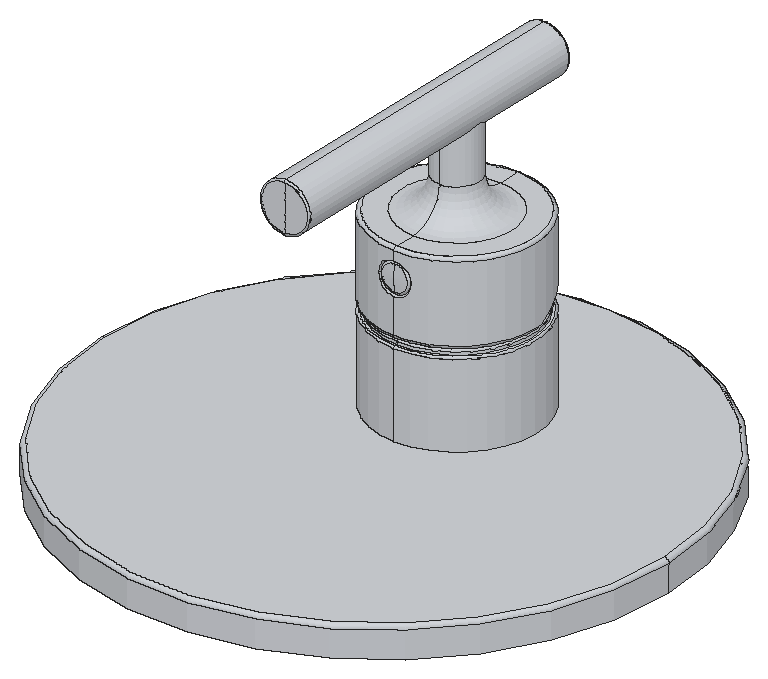
Revit family "Shower-Valve_Trim-KOHLER-PURIST-K-7362IN", category Specialty Equipment, host Face, Revit 2017
Family settings
  Host = Face
  Round Connector Dimension = Use Diameter
  Part Type = Normal
  OmniClass Number = 23.31.25.00
  Cut with Voids When Loaded = No
  Shared = No
  Room Calculation Point = No
Parameters (values of type "CP-Polished Chrome")
  Width = 6 31/32"  # constant formula
  WaterSense Certified = 1 = 0  # no
  URL = "https://www.kohler.co.in/"
  Type = 1
  Product Page URL = ""
  Product Name = "PURIST"  # constant formula
  Product Documentation Link = ""
  Model = "K-7362IN-4FP-CP"  # constant formula
  Material = "Premium Metal Construction"  # constant formula
  Master Format 2014 Name = "Toilet, Bath, and Laundry Accessories"  # constant formula
  Master Format 2014 = "10 28 00"  # constant formula
  Manufacturer Address = "Ambience Office Tower NH-8 Gurgaon / Gurugram Haryana , 122001"  # constant formula
  Manufacturer = "KOHLER Co."  # constant formula
  Length = 3 31/32"  # constant formula
  Height = 6 31/32"  # constant formula
  Handle Clearance = 2 163/256"  # constant formula
  Finish = Kohler-Metal-CP-Polished_Chrome
  Environmental Product Declaration = ""
  Description = "40MM SINGLE CONTROL SHOWER TRIM"  # constant formula
  Default Elevation = 42"
  Declare Label = ""
  Date Modified = "11/03/2020"  # constant formula
  Date Created = "11/03/2020"  # constant formula
  Copyright = "Copyright KOHLER Co."  # constant formula
  Contact Us = "https://www.kohler.co.in/contact-us"
  Assembly Code = "C1030200"
  ADA Compliant = 1 = 0  # no
Reference planes (in)
  plane 1 "Center (Front/Back)": y = 0
  plane 2: z = 0
  plane 3 "Center (Left/Right)": x = 0
  plane 4: x = -3.48425
  plane 5: x = -0.96457
  plane 6: x = 0.96457
  plane 7: x = 3.4845
  plane 8: y = 2.37152
  plane 9: y = -4.59723
  plane 10: y = -1.11274
  plane 11: y = -2.63672
  plane 12: y = 1.35202
  plane 13: z = 3.96875
  plane 14: z = 3.36907
  plane 15: z = 0.3735
  plane 16: y = 0.96457
  plane 17: y = -0.96457
Dimensions and locks (in)
  "Width": plane 4 to plane 7
  "Height": plane 8 to plane 9
  "Length": plane 13 to level
  "Handle Clearance": plane 1 "Center (Front/Back)" to plane 11
  aligned and locked: plane 2 to host face
  aligned and locked: level to host face
  aligned and locked: plane 3 "Center (Left/Right)" to nested 1
  aligned and locked: plane 1 "Center (Front/Back)" to nested 1
Automatic sketch dimensions
  host sketch curve to host sketch curve = 96"  (x2)
Nested families (in)
  nested 1: "K-7362IN" at (0, -1.11274, 0), type "K-7362IN"
Definition of nested family "K-7362IN"
  Parameters (values of type "K-7362IN")
    Material = none
  Reference planes (in)
    plane 1 "Center (Front/Back)": y = 0
    plane 2: z = 0
    plane 3 "Center (Left/Right)": x = 0
    plane 4: z = 3.96948
    plane 5: x = -3.48425
    plane 6: x = 3.48425
    plane 7: y = 1.11274
    plane 8: y = 3.48425
    plane 9: y = -3.48425
    plane 10: y = -1.52506
    plane 11: y = 2.46476
    plane 12: x = -0.96457
    plane 13: x = 0.96457
    plane 14: y = 2.0773
    plane 15: y = 0.14817
    plane 16: z = 3.36907
    plane 17: z = 0.3735
  Forms (in)
    Revolve 1, solid, material <- "Material", detail levels medium+fine
      sketch origin (0, 0, 0) x (0, 1, 0) y (0, 0, 1)
        loop
          line (-1.52506, 3.66929) -> (2.46476, 3.66929) -> (2.46476, 3.94979)
          arc (2.46476, 3.94979) -> (2.45899, 3.96371) -> (2.44507, 3.96948) r 0.01969
          line (2.44507, 3.96948) -> (-1.50537, 3.96948)
          arc (-1.50537, 3.96948) -> (-1.51929, 3.96371) -> (-1.52506, 3.94979) r 0.01969
          line (-1.52506, 3.94979) -> (-1.52506, 3.66929)
        axis (2.46476, 3.66929) -> (-1.52506, 3.66929)
      angle from 0 to 360
    Revolve 2, solid, material <- "Material", detail levels medium+fine
      sketch origin (0, 0, 0) x (0, 1, 0) y (0, 0, 1)
        loop
          line (2.0773, 0.17365) -> (2.0773, 1.39057)
          arc (2.0773, 1.39057) -> (2.07154, 1.40449) -> (2.05762, 1.41025) r 0.01969
          line (2.05762, 1.41025) -> (2.02639, 1.41025) -> (2.02639, 1.4439)
          arc (2.02639, 1.4439) -> (2.02141, 1.45841) -> (2.00857, 1.4668) r 0.02362
          arc (2.00857, 1.4668) -> (1.99099, 1.47151) -> (1.97355, 1.4767) r 0.65906
          arc (1.97355, 1.4767) -> (1.94806, 1.49065) -> (1.92989, 1.51334) r 0.07408
          arc (1.92989, 1.51334) -> (1.9229, 1.53159) -> (1.92012, 1.55094) r 0.08759
          arc (1.92012, 1.55094) -> (1.8636, 1.84903) -> (1.71782, 2.1151) r 0.97078
          line (1.71782, 2.1151) -> (1.11274, 2.1151) -> (1.11274, 0.17365) -> (2.0773, 0.17365)
        axis (1.11274, 0.17365) -> (1.11274, 2.1151)
      angle from 0 to 360
    Revolve 3, solid, material <- "Material", detail levels medium+fine
      sketch origin (0, 0, 0) x (0, 1, 0) y (0, 0, 1)
        loop
          line (1.11274, 3.67447) -> (1.11274, 1.49607) -> (2.03793, 1.49607)
          arc (2.03793, 1.49607) -> (2.06577, 1.5076) -> (2.0773, 1.53544) r 0.03937
          line (2.0773, 1.53544) -> (2.0773, 2.45992)
          arc (2.0773, 2.45992) -> (2.06577, 2.48776) -> (2.03793, 2.49929) r 0.03937
          line (2.03793, 2.49929) -> (1.77611, 2.49929)
          arc (1.77611, 2.49929) -> (1.49772, 2.6146) -> (1.38241, 2.89299) r 0.3937
          line (1.38241, 2.89299) -> (1.38241, 3.67447) -> (1.11274, 3.67447)
        axis (1.11274, 3.67447) -> (1.11274, 1.49607)
      angle from 0 to 360
    Extrusion 4, void
      sketch origin (0, 0, 0) x (0, 1, 0) y (0, 0, 1)
        loop
          line (1.06483, 1.4633) -> (2.21652, 1.4633) -> (2.21652, 1.97191) -> (1.18974, 1.53607)
          arc (1.18974, 1.53607) -> (1.09057, 1.50247) -> (0.9875, 1.48403) r 0.70082
          line (0.9875, 1.48403) -> (1.06483, 1.4633)
      from -1.67639 to 1.8525
    Extrusion 5, void
      sketch origin (0, 0, 0) x (1, 0, 0) y (0, 0, 1)
        loop
          circle (0, 2.157) r 0.19685
      from -0.3544 to 0
    Revolve 6, solid, material <- "Material", detail levels medium+fine
      sketch origin (0, 0, 0) x (0, 1, 0) y (0, 0, 1)
        loop
          line (0.72172, 2.157) -> (0.72172, 2.335) -> (0.18599, 2.335)
          arc (0.18599, 2.335) -> (0.17043, 2.32915) -> (0.16257, 2.31449) r 0.02362
          arc (0.16257, 2.31449) -> (0.15475, 2.23592) -> (0.15214, 2.157) r 1.1941
          line (0.15214, 2.157) -> (0.72172, 2.157)
        axis (0.72172, 2.157) -> (0.15214, 2.157)
      angle from 0 to 360
    Revolve 7, solid, material <- "Material", detail levels coarse
      sketch origin (0, 0, 0) x (0, 1, 0) y (0, 0, 1)
        loop
          line (2.46476, 3.96948) -> (-1.52506, 3.96948) -> (-1.52506, 3.66927) -> (2.46476, 3.66927) -> (2.46476, 3.96948)
        axis (2.46476, 3.66927) -> (-1.52506, 3.66927)
      angle from 0 to 360
    Revolve 8, solid, material <- "Material", detail levels coarse
      sketch origin (0, 0, 0) x (0, 1, 0) y (0, 0, 1)
        loop
          line (1.38241, 2.49929) -> (1.38241, 3.68039) -> (1.11274, 3.68039) -> (1.11274, 0.27461) -> (2.0773, 0.27461) -> (2.0773, 2.49929) -> (1.38241, 2.49929)
        axis (1.11274, 0.27461) -> (1.11274, 3.68039)
      angle from 0 to 360
    Sweep 9, solid, material <- "Material", detail levels medium+fine
      path origin (0, 0, 0) x (1, 0, 0) y (0, 1, 0)
        loop
          circle (0, 0) r 3.48425
      profile origin (0, 3.48425, 0) x (0, -1, 0) y (0, 0, 1)
        loop
          line (0, 0.32211) -> (0, 0) -> (0.14204, 0) -> (0.14204, 0.3735) -> (0.05139, 0.3735)
          arc (0.05139, 0.3735) -> (0.01505, 0.35845) -> (0, 0.32211) r 0.05139
    Extrusion 10, solid, material <- "Material", detail levels medium+fine
      sketch origin (0, 0, 0) x (1, 0, 0) y (0, 1, 0)
        loop
          circle (0, 0) r 3.34221
      from 0 to 0.3735
    Extrusion 11, solid, material <- "Material", detail levels coarse
      sketch origin (0, 0, 0) x (1, 0, 0) y (0, 1, 0)
        loop
          circle (0, 0) r 3.48425
      from 0 to 0.3735
  Cuts and joins
    joined: Revolve 7, Revolve 8
    Extrusion 4, Extrusion 5 cuts Revolve 3
    joined: Revolve 1, Revolve 2, Revolve 3, Revolve 6, Sweep 9, Extrusion 10
  Lines and regions (in)
    Masking region 1
      outline origin (0, 0, 0) x (1, 0, 0) y (0, 0, 1)
        loop
          line (0.96457, 0.37045) -> (0.96457, 1.39057)
          arc (0.96457, 1.39057) -> (0.9588, 1.40449) -> (0.94488, 1.41025) r 0.01969
          line (0.94488, 1.41025) -> (0.91371, 1.41025) -> (0.91371, 1.44288)
          arc (0.91371, 1.44288) -> (0.9091, 1.45741) -> (0.89694, 1.46661) r 0.02516
          arc (0.89694, 1.46661) -> (0.86138, 1.47738) -> (0.82926, 1.49607) r 0.16011
          line (0.82926, 1.49607) -> (0.92913, 1.49607)
          arc (0.92913, 1.49607) -> (0.95419, 1.50644) -> (0.96457, 1.5315) r 0.03543
          line (0.96457, 1.5315) -> (0.96457, 2.46046)
          arc (0.96457, 2.46046) -> (0.95304, 2.4883) -> (0.9252, 2.49983) r 0.03937
          line (0.9252, 2.49983) -> (0.67127, 2.49983)
          arc (0.67127, 2.49983) -> (0.38731, 2.61745) -> (0.26969, 2.9014) r 0.40157
          line (0.26969, 2.9014) -> (0.26969, 3.53747)
          arc (0.26969, 3.53747) -> (0.25464, 3.82826) -> (0, 3.96948) r 0.30018
          arc (0, 3.96948) -> (-0.25464, 3.82826) -> (-0.26969, 3.53747) r 0.30018
          line (-0.26969, 3.53747) -> (-0.26969, 2.9014)
          arc (-0.26969, 2.9014) -> (-0.38731, 2.61745) -> (-0.67127, 2.49983) r 0.40157
          line (-0.67127, 2.49983) -> (-0.9252, 2.49983)
          arc (-0.9252, 2.49983) -> (-0.95304, 2.4883) -> (-0.96457, 2.46046) r 0.03937
          line (-0.96457, 2.46046) -> (-0.96457, 1.5315)
          arc (-0.96457, 1.5315) -> (-0.95419, 1.50644) -> (-0.92913, 1.49607) r 0.03543
          line (-0.92913, 1.49607) -> (-0.82926, 1.49607)
          arc (-0.82926, 1.49607) -> (-0.86138, 1.47738) -> (-0.89694, 1.46661) r 0.16011
          arc (-0.89694, 1.46661) -> (-0.9091, 1.45741) -> (-0.91371, 1.44288) r 0.02516
          line (-0.91371, 1.44288) -> (-0.91371, 1.41025) -> (-0.94488, 1.41025)
          arc (-0.94488, 1.41025) -> (-0.9588, 1.40449) -> (-0.96457, 1.39057) r 0.01969
          line (-0.96457, 1.39057) -> (-0.96457, 0.37045) -> (-3.43386, 0.37045)
          arc (-3.43386, 0.37045) -> (-3.46949, 0.35569) -> (-3.48425, 0.32006) r 0.05039
          line (-3.48425, 0.32006) -> (-3.48425, 0) -> (3.48425, 0) -> (3.48425, 0.32006)
          arc (3.48425, 0.32006) -> (3.46949, 0.35569) -> (3.43386, 0.37045) r 0.05039
          line (3.43386, 0.37045) -> (0.96457, 0.37045)
    Masking region 2
      outline origin (0, 0, 0) x (0, 1, 0) y (0, 0, 1)
        loop
          line (2.44507, 3.96948) -> (-1.50537, 3.96948)
          arc (-1.50537, 3.96948) -> (-1.51929, 3.96371) -> (-1.52506, 3.94979) r 0.01969
          line (-1.52506, 3.94979) -> (-1.52506, 3.38876)
          arc (-1.52506, 3.38876) -> (-1.51929, 3.37484) -> (-1.50537, 3.36907) r 0.01969
          line (-1.50537, 3.36907) -> (0.84306, 3.36907) -> (0.84306, 2.89299)
          arc (0.84306, 2.89299) -> (0.72775, 2.6146) -> (0.44936, 2.49929) r 0.3937
          line (0.44936, 2.49929) -> (0.18754, 2.49929)
          arc (0.18754, 2.49929) -> (0.1597, 2.48776) -> (0.14817, 2.45992) r 0.03937
          line (0.14817, 2.45992) -> (0.14817, 2.35385)
          arc (0.14817, 2.35385) -> (0.15224, 2.15702) -> (0.14817, 1.96019) r 4.75883
          line (0.14817, 1.96019) -> (0.14817, 1.53544)
          arc (0.14817, 1.53544) -> (0.1597, 1.5076) -> (0.18754, 1.49607) r 0.03937
          line (0.18754, 1.49607) -> (0.2832, 1.49607)
          arc (0.2832, 1.49607) -> (0.26879, 1.48441) -> (0.25192, 1.4767) r 0.07408
          arc (0.25192, 1.4767) -> (0.23448, 1.47151) -> (0.2169, 1.4668) r 0.65906
          arc (0.2169, 1.4668) -> (0.20406, 1.45841) -> (0.19908, 1.4439) r 0.02362
          line (0.19908, 1.4439) -> (0.19908, 1.41025) -> (0.16785, 1.41025)
          arc (0.16785, 1.41025) -> (0.15393, 1.40449) -> (0.14817, 1.39057) r 0.01969
          line (0.14817, 1.39057) -> (0.14817, 0.3735) -> (-3.43118, 0.3735)
          arc (-3.43118, 0.3735) -> (-3.46871, 0.35796) -> (-3.48425, 0.32043) r 0.05307
          line (-3.48425, 0.32043) -> (-3.48425, 0) -> (3.48425, 0) -> (3.48425, 0.32043)
          arc (3.48425, 0.32043) -> (3.46871, 0.35796) -> (3.43118, 0.3735) r 0.05307
          line (3.43118, 0.3735) -> (2.0773, 0.3735) -> (2.0773, 1.39057)
          arc (2.0773, 1.39057) -> (2.07154, 1.40449) -> (2.05762, 1.41025) r 0.01969
          line (2.05762, 1.41025) -> (2.02639, 1.41025) -> (2.02639, 1.4439)
          arc (2.02639, 1.4439) -> (2.02141, 1.45841) -> (2.00857, 1.4668) r 0.02362
          arc (2.00857, 1.4668) -> (1.99099, 1.47151) -> (1.97355, 1.4767) r 0.65906
          arc (1.97355, 1.4767) -> (1.94806, 1.49065) -> (1.92989, 1.51334) r 0.07408
          arc (1.92989, 1.51334) -> (1.9229, 1.53159) -> (1.92012, 1.55094) r 0.08759
          arc (1.92012, 1.55094) -> (1.90582, 1.68999) -> (1.87168, 1.82554) r 0.97078
          line (1.87168, 1.82554) -> (2.0773, 1.91282) -> (2.0773, 2.45992)
          arc (2.0773, 2.45992) -> (2.06577, 2.48776) -> (2.03793, 2.49929) r 0.03937
          line (2.03793, 2.49929) -> (1.77611, 2.49929)
          arc (1.77611, 2.49929) -> (1.49772, 2.6146) -> (1.38241, 2.89299) r 0.3937
          line (1.38241, 2.89299) -> (1.38241, 3.36907) -> (2.44507, 3.36907)
          arc (2.44507, 3.36907) -> (2.45899, 3.37484) -> (2.46476, 3.38876) r 0.01969
          line (2.46476, 3.38876) -> (2.46476, 3.94979)
          arc (2.46476, 3.94979) -> (2.45899, 3.96371) -> (2.44507, 3.96948) r 0.01969
    Masking region 3
      outline origin (0, 0, 0) x (1, 0, 0) y (0, 1, 0)
        loop
          arc (-3.48425, 0) -> (-2.46374, -2.46374) -> (0, -3.48425) r 3.48425
          arc (0, -3.48425) -> (2.46374, -2.46374) -> (3.48425, 0) r 3.48425
          arc (3.48425, 0) -> (2.46374, 2.46374) -> (0, 3.48425) r 3.48425
          arc (0, 3.48425) -> (-2.46374, 2.46374) -> (-3.48425, 0) r 3.48425
    symbolic lines, detail levels medium+fine
      curve 1: arc (0.26969, 0, 3.53747) -> (0, 0, 3.36911) -> (-0.26969, 0, 3.53747) r 0.30018
      curve 2: line (0.67127, 0, 2.49983) -> (-0.67127, 0, 2.49983)
      curve 3: line (0.91371, 0, 1.41025) -> (-0.91371, 0, 1.41025)
      curve 4: line (0.96457, 0, 1.39057) -> (-0.96457, 0, 1.39057)
      curve 5: arc (0.32085, 0, 1.79974) -> (0.0258, 0, 1.82555) -> (-0.26979, 0, 1.807) r 1.97737
      curve 6: arc (0.65345, 0, 1.69478) -> (0.49092, 0, 1.75922) -> (0.32085, 0, 1.79974) r 1.21945
      curve 7: arc (0.77317, 0, 1.59889) -> (0.71876, 0, 1.65363) -> (0.65345, 0, 1.69478) r 0.34206
      curve 8: arc (0.80572, 0, 1.53544) -> (0.79256, 0, 1.56876) -> (0.77317, 0, 1.59889) r 0.18372
      curve 9: arc (0.82926, 0, 1.49607) -> (0.81492, 0, 1.51421) -> (0.80572, 0, 1.53544) r 0.08919
      curve 10: arc (-0.65345, 0, 1.69478) -> (-0.46625, 0, 1.76672) -> (-0.26979, 0, 1.807) r 1.21945
      curve 11: arc (-0.77317, 0, 1.59889) -> (-0.71876, 0, 1.65363) -> (-0.65345, 0, 1.69478) r 0.34206
      curve 12: arc (-0.80572, 0, 1.53544) -> (-0.79256, 0, 1.56876) -> (-0.77317, 0, 1.59889) r 0.18372
      curve 13: arc (-0.82926, 0, 1.49607) -> (-0.81492, 0, 1.51421) -> (-0.80572, 0, 1.53544) r 0.08919
      curve 14: arc (0.33484, 0, 1.88522) -> (0.02725, 0, 1.91215) -> (-0.28091, 0, 1.8929) r 2.06398
      curve 15: arc (0.69106, 0, 1.7728) -> (0.51699, 0, 1.84181) -> (0.33484, 0, 1.88522) r 1.30606
      curve 16: arc (-0.69106, 0, 1.7728) -> (-0.49093, 0, 1.84974) -> (-0.28091, 0, 1.8929) r 1.30606
      curve 17: arc (-0.96457, 0, 1.5315) -> (-0.84443, 0, 1.67099) -> (-0.69106, 0, 1.7728) r 0.6746
      curve 18: arc (0.96457, 0, 1.5315) -> (0.84443, 0, 1.67099) -> (0.69106, 0, 1.7728) r 0.6746
      curve 19: line (0, 1.77611, 2.49929) -> (0, 0.44936, 2.49929)
      curve 20: line (0, 0.2832, 1.49607) -> (0, 1.06345, 1.49607)
      curve 21: line (0, 1.06345, 1.49607) -> (0, 1.87206, 1.8257)
      curve 22: line (0, 2.0773, 1.39057) -> (0, 0.14817, 1.39057)
      curve 23: arc (0, 0.14817, 2.35381) -> (0, 0.16569, 2.157) -> (0, 0.14817, 1.96019) r 1.1141
      curve 24: line (-0.28081, 2.46476, 0) -> (0.28096, 2.46476, 0)
      curve 25: line (-0.3005, -1.50537, 0) -> (-0.3005, 2.44507, 0)
      curve 26: line (0.28096, -1.52506, 0) -> (-0.28081, -1.52506, 0)
      curve 27: line (0.30065, 2.44507, 0) -> (0.30065, -1.50537, 0)
      curve 28: arc (0.28096, 2.46476, 0) -> (0.29488, 2.45899, 0) -> (0.30065, 2.44507, 0) r 0.01969
      curve 29: arc (-0.28081, 2.46476, 0) -> (-0.29473, 2.45899, 0) -> (-0.3005, 2.44507, 0) r 0.01969
      curve 30: arc (-0.28081, -1.52506, 0) -> (-0.29473, -1.51929, 0) -> (-0.3005, -1.50537, 0) r 0.01969
      curve 31: arc (0.30065, -1.50537, 0) -> (0.29488, -1.51929, 0) -> (0.28096, -1.52506, 0) r 0.01969
      curve 32: arc (-0.3005, 2.0293, 0) -> (-0.96457, 1.11274, 0) -> (-0.3005, 0.19617, 0) r 0.96457
      curve 33: arc (-0.3005, 1.96693, 0) -> (-0.90551, 1.11274, 0) -> (-0.3005, 0.25854, 0) r 0.90551
      curve 34: arc (0.30065, 0.25859, 0) -> (0.90551, 1.11274, 0) -> (0.30065, 1.96688, 0) r 0.90551
      curve 35: arc (0.30065, 0.19622, 0) -> (0.96457, 1.11274, 0) -> (0.30065, 2.02925, 0) r 0.96457
      curve 36: line (0, 2.02639, 1.41025) -> (0, 0.19908, 1.41025)
      curve 37: arc (-0.3005, 2.00646, 0) -> (-0.94289, 1.11274, 0) -> (-0.3005, 0.21901, 0) r 0.94289
      curve 38: arc (0.30065, 0.21906, 0) -> (0.94289, 1.11274, 0) -> (0.30065, 2.00641, 0) r 0.94289
      curve 39: circle (0, 0, 0) r 3.34646 normal (0, 0, 1)
      curve 40: line (0, 2.0773, 0.3735) -> (0, 0.14817, 0.3735)
      curve 41: arc (0, 1.38241, 3.36907) -> (0, 1.11274, 3.51701) -> (0, 0.84306, 3.36907) r 0.31975
      curve 42: line (0.96457, 0, 0.3735) -> (-0.96457, 0, 0.3735)
  Dimensions and locks (in)
    locked: plane 4 to level at 3.96948
    locked: plane 5 to plane 6 at 6.9685
    locked: plane 8 to plane 9 at 6.9685
    aligned and locked: plane 2 to level
    aligned and locked: plane 4 to Revolve 7 sketch curve
    aligned and locked: level to Masking region 1 sketch curve
